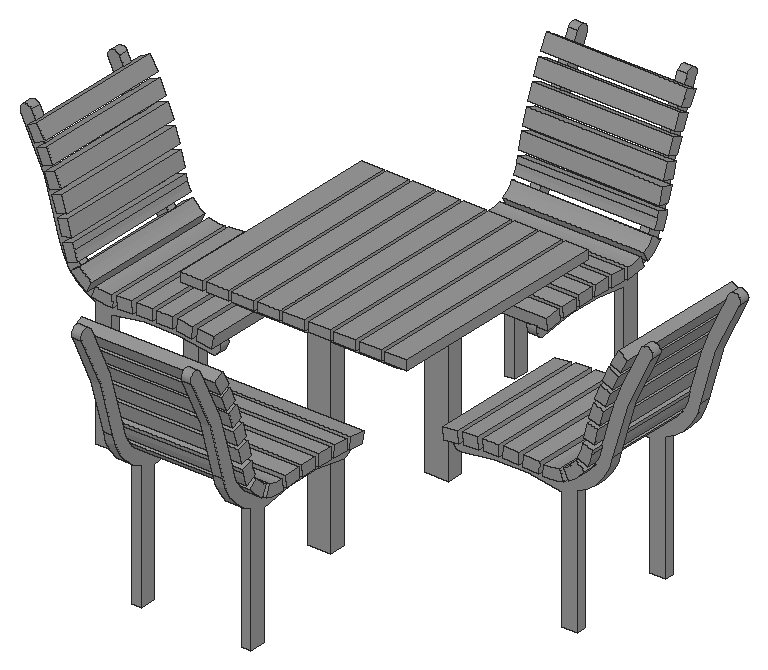
Revit family "15547 Комплект садовой мебели «Платиум» Хоббика", category Антураж, Revit 2018
Family settings
  На основе рабочей плоскости = Нет
  Всегда вертикально = Да
  При загрузке вырезать с полостями = Нет
  Источник визуального образа = Геометрия семейства
  Общий = Нет
  Точка расчета площади = Нет
Parameters (values of type "Комплект садовой мебели «Платиум»")
  Ширина = 2080 mm  # constant formula
  Цвет отделки = Дерево
  Цвет каркаса = Сталь
  Описание = "Комплект садовой мебели «Платиум»"  # constant formula
  Материал изделия = "Сталь, Дерево"  # constant formula
  Изображение типоразмера = Комплект садовой мебели «Платиум» Арт 15547.jpg
  Изготовитель = "ООО «Хоббика»"  # constant formula
  Длина = 2080 mm  # constant formula
  Группа модели = "Комплекты садовой мебели"  # constant formula
  Высота = 920 mm  # constant formula
  Артикул товара = "Арт. 15547"  # constant formula
  URL = "https://hobbyka.ru/product/komplekt_sadovoy_mebeli_platium"
Reference planes
  plane 1 "По центру (Вперед/Назад)": y = 0
  plane 2: z = 0
  plane 3 "По центру (Влево/Вправо)": x = 0
  plane 4: y = 2080
  plane 5: x = 2080
  plane 6: z = 920
Forms (mm)
  Extrusion 1, solid, material "Дерево" <- "Цвет отделки"
    sketch origin (0, 0, 0) x (1, 0, 0) y (0, 1, 0)
      loop
        line (680, 1400) -> (680, 680) -> (750, 680) -> (750, 1400) -> (680, 1400)
    from 680 to 710
  Extrusion 2, solid, material "Дерево" <- "Цвет отделки"
    sketch origin (650, 0, 0) x (1, 0, 0) y (0, 1, 0)
      loop
        line (680, 1400) -> (680, 680) -> (750, 680) -> (750, 1400) -> (680, 1400)
    from 680 to 710
  Extrusion 3, solid, material "Дерево" <- "Цвет отделки"
    sketch origin (81.25, 0, 0) x (1, 0, 0) y (0, 1, 0)
      loop
        line (680, 1400) -> (680, 680) -> (750, 680) -> (750, 1400) -> (680, 1400)
    from 680 to 710
  Extrusion 4, solid, material "Дерево" <- "Цвет отделки"
    sketch origin (162.5, 0, 0) x (1, 0, 0) y (0, 1, 0)
      loop
        line (680, 1400) -> (680, 680) -> (750, 680) -> (750, 1400) -> (680, 1400)
    from 680 to 710
  Extrusion 5, solid, material "Дерево" <- "Цвет отделки"
    sketch origin (243.75, 0, 0) x (1, 0, 0) y (0, 1, 0)
      loop
        line (680, 1400) -> (680, 680) -> (750, 680) -> (750, 1400) -> (680, 1400)
    from 680 to 710
  Extrusion 6, solid, material "Дерево" <- "Цвет отделки"
    sketch origin (325, 0, 0) x (1, 0, 0) y (0, 1, 0)
      loop
        line (680, 1400) -> (680, 680) -> (750, 680) -> (750, 1400) -> (680, 1400)
    from 680 to 710
  Extrusion 7, solid, material "Дерево" <- "Цвет отделки"
    sketch origin (406.25, 0, 0) x (1, 0, 0) y (0, 1, 0)
      loop
        line (680, 1400) -> (680, 680) -> (750, 680) -> (750, 1400) -> (680, 1400)
    from 680 to 710
  Extrusion 8, solid, material "Дерево" <- "Цвет отделки"
    sketch origin (487.5, 0, 0) x (1, 0, 0) y (0, 1, 0)
      loop
        line (680, 1400) -> (680, 680) -> (750, 680) -> (750, 1400) -> (680, 1400)
    from 680 to 710
  Extrusion 9, solid, material "Дерево" <- "Цвет отделки"
    sketch origin (568.75, 0, 0) x (1, 0, 0) y (0, 1, 0)
      loop
        line (680, 1400) -> (680, 680) -> (750, 680) -> (750, 1400) -> (680, 1400)
    from 680 to 710
  Extrusion 10, solid, material "Сталь" <- "Цвет каркаса"
    sketch origin (0, 0, 0) x (1, 0, 0) y (0, 0, 1)
      loop
        line (1361.623, 680) -> (718.377, 680)
        arc (718.377, 680) -> (740.344, 626.967) -> (793.377, 605) r 75
        line (793.377, 605) -> (1002.5, 605) -> (1002.5, 0) -> (1077.5, 0) -> (1077.5, 605) -> (1286.623, 605)
        arc (1286.623, 605) -> (1339.656, 626.967) -> (1361.623, 680) r 75
    from -830 to -780
  Extrusion 11, solid, material "Сталь" <- "Цвет каркаса"
    sketch origin (0, 0, 0) x (1, 0, 0) y (0, 0, 1)
      loop
        line (1361.623, 680) -> (718.377, 680)
        arc (718.377, 680) -> (740.344, 626.967) -> (793.377, 605) r 75
        line (793.377, 605) -> (1002.5, 605) -> (1002.5, 0) -> (1077.5, 0) -> (1077.5, 605) -> (1286.623, 605)
        arc (1286.623, 605) -> (1339.656, 626.967) -> (1361.623, 680) r 75
    from -1300 to -1250
  Extrusion 12, solid, material "Сталь" <- "Цвет каркаса"
    sketch origin (0, 0, 0) x (1, 0, 0) y (0, 0, 1)
      loop
        arc (2012.205, 885.041) -> (1933.87, 722.306) -> (1883.193, 548.952) r 1101.009
        arc (1883.193, 548.952) -> (1827.176, 461.371) -> (1726.932, 433.811) r 144.971
        arc (1726.932, 433.811) -> (1568.416, 440.004) -> (1410.283, 427.374) r 1336.624
        arc (1410.283, 427.374) -> (1414.713, 399.957) -> (1438.961, 386.416) r 31.882
        arc (1438.961, 386.416) -> (1598.961, 404.284) -> (1758.961, 386.416) r 725.33
        line (1758.961, 386.416) -> (1758.961, 0) -> (1808.961, 0) -> (1808.961, 405.976)
        arc (1808.961, 405.976) -> (1882.777, 459.067) -> (1922.377, 540.916) r 184.971
        arc (1922.377, 540.916) -> (1971.213, 707.971) -> (2046.703, 864.794) r 1061.009
        arc (2046.703, 864.794) -> (2039.577, 892.167) -> (2012.205, 885.041) r 20
      loop
        arc (67.795, 885.041) -> (40.423, 892.167) -> (33.297, 864.794) r 20
        arc (33.297, 864.794) -> (108.787, 707.971) -> (157.623, 540.916) r 1061.009
        arc (157.623, 540.916) -> (197.223, 459.067) -> (271.039, 405.976) r 184.971
        line (271.039, 405.976) -> (271.039, 0) -> (321.039, 0) -> (321.039, 386.416)
        arc (321.039, 386.416) -> (481.039, 404.284) -> (641.039, 386.416) r 725.33
        arc (641.039, 386.416) -> (665.287, 399.957) -> (669.717, 427.374) r 31.882
        arc (669.717, 427.374) -> (511.584, 440.004) -> (353.068, 433.811) r 1336.624
        arc (353.068, 433.811) -> (252.824, 461.371) -> (196.807, 548.952) r 144.971
        arc (196.807, 548.952) -> (146.13, 722.306) -> (67.795, 885.041) r 1101.009
    from -880 to -850
  Extrusion 13, solid, material "Сталь" <- "Цвет каркаса"
    sketch origin (0, 0, 0) x (1, 0, 0) y (0, 0, 1)
      loop
        arc (2012.205, 885.041) -> (1933.87, 722.306) -> (1883.193, 548.952) r 1101.009
        arc (1883.193, 548.952) -> (1827.176, 461.371) -> (1726.932, 433.811) r 144.971
        arc (1726.932, 433.811) -> (1568.416, 440.004) -> (1410.283, 427.374) r 1336.624
        arc (1410.283, 427.374) -> (1414.713, 399.957) -> (1438.961, 386.416) r 31.882
        arc (1438.961, 386.416) -> (1598.961, 404.284) -> (1758.961, 386.416) r 725.33
        line (1758.961, 386.416) -> (1758.961, 0) -> (1808.961, 0) -> (1808.961, 405.976)
        arc (1808.961, 405.976) -> (1882.777, 459.067) -> (1922.377, 540.916) r 184.971
        arc (1922.377, 540.916) -> (1971.213, 707.971) -> (2046.703, 864.794) r 1061.009
        arc (2046.703, 864.794) -> (2039.577, 892.167) -> (2012.205, 885.041) r 20
      loop
        arc (67.795, 885.041) -> (40.423, 892.167) -> (33.297, 864.794) r 20
        arc (33.297, 864.794) -> (108.787, 707.971) -> (157.623, 540.916) r 1061.009
        arc (157.623, 540.916) -> (197.223, 459.067) -> (271.039, 405.976) r 184.971
        line (271.039, 405.976) -> (271.039, 0) -> (321.039, 0) -> (321.039, 386.416)
        arc (321.039, 386.416) -> (481.039, 404.284) -> (641.039, 386.416) r 725.33
        arc (641.039, 386.416) -> (665.287, 399.957) -> (669.717, 427.374) r 31.882
        arc (669.717, 427.374) -> (511.584, 440.004) -> (353.068, 433.811) r 1336.624
        arc (353.068, 433.811) -> (252.824, 461.371) -> (196.807, 548.952) r 144.971
        arc (196.807, 548.952) -> (146.13, 722.306) -> (67.795, 885.041) r 1101.009
    from -1230 to -1200
  Extrusion 14, solid, material "Сталь" <- "Цвет каркаса"
    sketch origin (2080, 0, 0) x (0, 1, 0) y (0, 0, 1)
      loop
        arc (2012.205, 885.041) -> (1933.87, 722.306) -> (1883.193, 548.952) r 1101.009
        arc (1883.193, 548.952) -> (1827.176, 461.371) -> (1726.932, 433.811) r 144.971
        arc (1726.932, 433.811) -> (1568.416, 440.004) -> (1410.283, 427.374) r 1336.624
        arc (1410.283, 427.374) -> (1414.713, 399.957) -> (1438.961, 386.416) r 31.882
        arc (1438.961, 386.416) -> (1598.961, 404.284) -> (1758.961, 386.416) r 725.33
        line (1758.961, 386.416) -> (1758.961, 0) -> (1808.961, 0) -> (1808.961, 405.976)
        arc (1808.961, 405.976) -> (1882.777, 459.067) -> (1922.377, 540.916) r 184.971
        arc (1922.377, 540.916) -> (1971.213, 707.971) -> (2046.703, 864.794) r 1061.009
        arc (2046.703, 864.794) -> (2039.577, 892.167) -> (2012.205, 885.041) r 20
      loop
        arc (67.795, 885.041) -> (40.423, 892.167) -> (33.297, 864.794) r 20
        arc (33.297, 864.794) -> (108.787, 707.971) -> (157.623, 540.916) r 1061.009
        arc (157.623, 540.916) -> (197.223, 459.067) -> (271.039, 405.976) r 184.971
        line (271.039, 405.976) -> (271.039, 0) -> (321.039, 0) -> (321.039, 386.416)
        arc (321.039, 386.416) -> (481.039, 404.284) -> (641.039, 386.416) r 725.33
        arc (641.039, 386.416) -> (665.287, 399.957) -> (669.717, 427.374) r 31.882
        arc (669.717, 427.374) -> (511.584, 440.004) -> (353.068, 433.811) r 1336.624
        arc (353.068, 433.811) -> (252.824, 461.371) -> (196.807, 548.952) r 144.971
        arc (196.807, 548.952) -> (146.13, 722.306) -> (67.795, 885.041) r 1101.009
    from -880 to -850
  Extrusion 15, solid, material "Сталь" <- "Цвет каркаса"
    sketch origin (2080, 0, 0) x (0, 1, 0) y (0, 0, 1)
      loop
        arc (2012.205, 885.041) -> (1933.87, 722.306) -> (1883.193, 548.952) r 1101.009
        arc (1883.193, 548.952) -> (1827.176, 461.371) -> (1726.932, 433.811) r 144.971
        arc (1726.932, 433.811) -> (1568.416, 440.004) -> (1410.283, 427.374) r 1336.624
        arc (1410.283, 427.374) -> (1414.713, 399.957) -> (1438.961, 386.416) r 31.882
        arc (1438.961, 386.416) -> (1598.961, 404.284) -> (1758.961, 386.416) r 725.33
        line (1758.961, 386.416) -> (1758.961, 0) -> (1808.961, 0) -> (1808.961, 405.976)
        arc (1808.961, 405.976) -> (1882.777, 459.067) -> (1922.377, 540.916) r 184.971
        arc (1922.377, 540.916) -> (1971.213, 707.971) -> (2046.703, 864.794) r 1061.009
        arc (2046.703, 864.794) -> (2039.577, 892.167) -> (2012.205, 885.041) r 20
      loop
        arc (67.795, 885.041) -> (40.423, 892.167) -> (33.297, 864.794) r 20
        arc (33.297, 864.794) -> (108.787, 707.971) -> (157.623, 540.916) r 1061.009
        arc (157.623, 540.916) -> (197.223, 459.067) -> (271.039, 405.976) r 184.971
        line (271.039, 405.976) -> (271.039, 0) -> (321.039, 0) -> (321.039, 386.416)
        arc (321.039, 386.416) -> (481.039, 404.284) -> (641.039, 386.416) r 725.33
        arc (641.039, 386.416) -> (665.287, 399.957) -> (669.717, 427.374) r 31.882
        arc (669.717, 427.374) -> (511.584, 440.004) -> (353.068, 433.811) r 1336.624
        arc (353.068, 433.811) -> (252.824, 461.371) -> (196.807, 548.952) r 144.971
        arc (196.807, 548.952) -> (146.13, 722.306) -> (67.795, 885.041) r 1101.009
    from -1230 to -1200
  Extrusion 16, solid, material "Дерево" <- "Цвет отделки"
    sketch origin (0, 0, 0) x (1, 0, 0) y (0, 0, 1)
      loop
        arc (1883.193, 548.952) -> (1884.628, 555.837) -> (1886.107, 562.712) r 1101.009
        line (1886.107, 562.712) -> (1852.808, 574.243)
        arc (1852.808, 574.243) -> (1850.82, 565.122) -> (1848.907, 555.985) r 1136.009
        arc (1848.907, 555.985) -> (1844.681, 540.92) -> (1838.359, 526.607) r 109.971
        line (1838.359, 526.607) -> (1869.289, 510.225)
        arc (1869.289, 510.225) -> (1877.622, 529.093) -> (1883.193, 548.952) r 144.971
      loop
        line (1998.079, 860.242) -> (1967.445, 877.17)
        arc (1967.445, 877.17) -> (1955.596, 855.157) -> (1944.233, 832.889) r 1136.009
        line (1944.233, 832.889) -> (1975.583, 817.325)
        arc (1975.583, 817.325) -> (1986.595, 838.907) -> (1998.079, 860.242) r 1101.009
      loop
        arc (1714.666, 470.101) -> (1689.742, 472.045) -> (1664.787, 473.533) r 1371.624
        line (1664.787, 473.533) -> (1663.021, 438.578)
        arc (1663.021, 438.578) -> (1687.339, 437.127) -> (1711.627, 435.233) r 1336.624
        line (1711.627, 435.233) -> (1714.666, 470.101)
      loop
        line (1405.43, 462.036) -> (1410.283, 427.374)
        arc (1410.283, 427.374) -> (1434.439, 430.531) -> (1458.649, 433.248) r 1336.624
        line (1458.649, 433.248) -> (1455.063, 468.064)
        arc (1455.063, 468.064) -> (1430.219, 465.276) -> (1405.43, 462.036) r 1371.624
      loop
        arc (1779.531, 475.013) -> (1755.315, 469.021) -> (1730.371, 468.641) r 109.971
        line (1730.371, 468.641) -> (1726.932, 433.811)
        arc (1726.932, 433.811) -> (1759.814, 434.312) -> (1791.737, 442.211) r 144.971
        line (1791.737, 442.211) -> (1779.531, 475.013)
      loop
        arc (1473.197, 434.666) -> (1497.476, 436.675) -> (1521.787, 438.242) r 1336.624
        line (1521.787, 438.242) -> (1519.855, 473.188)
        arc (1519.855, 473.188) -> (1494.907, 471.581) -> (1469.992, 469.519) r 1371.624
        line (1469.992, 469.519) -> (1473.197, 434.666)
      loop
        arc (1536.386, 438.969) -> (1560.733, 439.826) -> (1585.091, 440.239) r 1336.624
        line (1585.091, 440.239) -> (1584.816, 475.238)
        arc (1584.816, 475.238) -> (1559.82, 474.814) -> (1534.836, 473.935) r 1371.624
        line (1534.836, 473.935) -> (1536.386, 438.969)
      loop
        arc (1649.802, 474.208) -> (1624.814, 474.969) -> (1599.816, 475.274) r 1371.624
        line (1599.816, 475.274) -> (1598.461, 440.277)
        arc (1598.461, 440.277) -> (1623.445, 439.99) -> (1648.418, 439.236) r 1336.624
        line (1648.418, 439.236) -> (1649.802, 474.208)
      loop
        line (1793.189, 481.186) -> (1809.742, 450.348)
        arc (1809.742, 450.348) -> (1836.767, 469.087) -> (1858.872, 493.435) r 144.971
        line (1858.872, 493.435) -> (1830.457, 513.871)
        arc (1830.457, 513.871) -> (1813.689, 495.401) -> (1793.189, 481.186) r 109.971
      loop
        line (1856.159, 588.863) -> (1890.222, 580.818)
        arc (1890.222, 580.818) -> (1896.051, 604.336) -> (1902.395, 627.72) r 1101.009
        line (1902.395, 627.72) -> (1868.719, 637.256)
        arc (1868.719, 637.256) -> (1862.173, 613.129) -> (1856.159, 588.863) r 1136.009
      loop
        line (1872.902, 651.661) -> (1906.449, 641.681)
        arc (1906.449, 641.681) -> (1913.612, 664.827) -> (1921.284, 687.81) r 1101.009
        line (1921.284, 687.81) -> (1888.208, 699.256)
        arc (1888.208, 699.256) -> (1880.293, 675.543) -> (1872.902, 651.661) r 1136.009
      loop
        line (1893.207, 713.399) -> (1926.129, 701.516)
        arc (1926.129, 701.516) -> (1934.605, 724.215) -> (1943.578, 746.721) r 1101.009
        line (1943.578, 746.721) -> (1911.211, 760.04)
        arc (1911.211, 760.04) -> (1901.953, 736.819) -> (1893.207, 713.399) r 1136.009
      loop
        line (1917.011, 773.874) -> (1949.199, 760.129)
        arc (1949.199, 760.129) -> (1958.959, 782.305) -> (1969.204, 804.262) r 1101.009
        line (1969.204, 804.262) -> (1937.652, 819.41)
        arc (1937.652, 819.41) -> (1927.081, 796.755) -> (1917.011, 773.874) r 1136.009
      loop
        arc (196.807, 548.952) -> (202.378, 529.093) -> (210.711, 510.225) r 144.971
        line (210.711, 510.225) -> (241.641, 526.607)
        arc (241.641, 526.607) -> (235.319, 540.92) -> (231.093, 555.985) r 109.971
        arc (231.093, 555.985) -> (229.18, 565.122) -> (227.192, 574.243) r 1136.009
        line (227.192, 574.243) -> (193.893, 562.712)
        arc (193.893, 562.712) -> (195.372, 555.837) -> (196.807, 548.952) r 1101.009
      loop
        arc (81.921, 860.242) -> (93.405, 838.907) -> (104.417, 817.325) r 1101.009
        line (104.417, 817.325) -> (135.767, 832.889)
        arc (135.767, 832.889) -> (124.404, 855.157) -> (112.555, 877.17) r 1136.009
        line (112.555, 877.17) -> (81.921, 860.242)
      loop
        line (365.334, 470.101) -> (368.373, 435.233)
        arc (368.373, 435.233) -> (392.661, 437.127) -> (416.979, 438.578) r 1336.624
        line (416.979, 438.578) -> (415.213, 473.533)
        arc (415.213, 473.533) -> (390.258, 472.045) -> (365.334, 470.101) r 1371.624
      loop
        arc (674.57, 462.036) -> (649.781, 465.276) -> (624.937, 468.064) r 1371.624
        line (624.937, 468.064) -> (621.351, 433.248)
        arc (621.351, 433.248) -> (645.561, 430.531) -> (669.717, 427.374) r 1336.624
        line (669.717, 427.374) -> (674.57, 462.036)
      loop
        line (300.469, 475.013) -> (288.263, 442.211)
        arc (288.263, 442.211) -> (320.186, 434.312) -> (353.068, 433.811) r 144.971
        line (353.068, 433.811) -> (349.629, 468.641)
        arc (349.629, 468.641) -> (324.685, 469.021) -> (300.469, 475.013) r 109.971
      loop
        line (606.803, 434.666) -> (610.008, 469.519)
        arc (610.008, 469.519) -> (585.093, 471.581) -> (560.145, 473.188) r 1371.624
        line (560.145, 473.188) -> (558.213, 438.242)
        arc (558.213, 438.242) -> (582.524, 436.675) -> (606.803, 434.666) r 1336.624
      loop
        line (543.614, 438.969) -> (545.164, 473.935)
        arc (545.164, 473.935) -> (520.18, 474.814) -> (495.184, 475.238) r 1371.624
        line (495.184, 475.238) -> (494.909, 440.239)
        arc (494.909, 440.239) -> (519.267, 439.826) -> (543.614, 438.969) r 1336.624
      loop
        line (430.198, 474.208) -> (431.582, 439.236)
        arc (431.582, 439.236) -> (456.555, 439.99) -> (481.539, 440.277) r 1336.624
        line (481.539, 440.277) -> (480.184, 475.274)
        arc (480.184, 475.274) -> (455.186, 474.969) -> (430.198, 474.208) r 1371.624
      loop
        arc (286.811, 481.186) -> (266.311, 495.401) -> (249.543, 513.871) r 109.971
        line (249.543, 513.871) -> (221.128, 493.435)
        arc (221.128, 493.435) -> (243.233, 469.087) -> (270.258, 450.348) r 144.971
        line (270.258, 450.348) -> (286.811, 481.186)
      loop
        arc (223.841, 588.863) -> (217.827, 613.129) -> (211.281, 637.256) r 1136.009
        line (211.281, 637.256) -> (177.605, 627.72)
        arc (177.605, 627.72) -> (183.949, 604.336) -> (189.778, 580.818) r 1101.009
        line (189.778, 580.818) -> (223.841, 588.863)
      loop
        arc (207.098, 651.661) -> (199.707, 675.543) -> (191.792, 699.256) r 1136.009
        line (191.792, 699.256) -> (158.716, 687.81)
        arc (158.716, 687.81) -> (166.388, 664.827) -> (173.551, 641.681) r 1101.009
        line (173.551, 641.681) -> (207.098, 651.661)
      loop
        arc (186.793, 713.399) -> (178.047, 736.819) -> (168.789, 760.04) r 1136.009
        line (168.789, 760.04) -> (136.422, 746.721)
        arc (136.422, 746.721) -> (145.395, 724.215) -> (153.871, 701.516) r 1101.009
        line (153.871, 701.516) -> (186.793, 713.399)
      loop
        arc (162.989, 773.874) -> (152.919, 796.755) -> (142.348, 819.41) r 1136.009
        line (142.348, 819.41) -> (110.796, 804.262)
        arc (110.796, 804.262) -> (121.041, 782.305) -> (130.801, 760.129) r 1101.009
        line (130.801, 760.129) -> (162.989, 773.874)
    from -1265 to -815
  Extrusion 17, solid, material "Дерево" <- "Цвет отделки"
    sketch origin (2080.492, 0.492, 0) x (0, 1, 0) y (0, 0, 1)
      loop
        arc (1883.193, 548.952) -> (1884.628, 555.837) -> (1886.107, 562.712) r 1101.009
        line (1886.107, 562.712) -> (1852.808, 574.243)
        arc (1852.808, 574.243) -> (1850.82, 565.122) -> (1848.907, 555.985) r 1136.009
        arc (1848.907, 555.985) -> (1844.681, 540.92) -> (1838.359, 526.607) r 109.971
        line (1838.359, 526.607) -> (1869.289, 510.225)
        arc (1869.289, 510.225) -> (1877.622, 529.093) -> (1883.193, 548.952) r 144.971
      loop
        line (1998.079, 860.242) -> (1967.445, 877.17)
        arc (1967.445, 877.17) -> (1955.596, 855.157) -> (1944.233, 832.889) r 1136.009
        line (1944.233, 832.889) -> (1975.583, 817.325)
        arc (1975.583, 817.325) -> (1986.595, 838.907) -> (1998.079, 860.242) r 1101.009
      loop
        arc (1714.666, 470.101) -> (1689.742, 472.045) -> (1664.787, 473.533) r 1371.624
        line (1664.787, 473.533) -> (1663.021, 438.578)
        arc (1663.021, 438.578) -> (1687.339, 437.127) -> (1711.627, 435.233) r 1336.624
        line (1711.627, 435.233) -> (1714.666, 470.101)
      loop
        line (1405.43, 462.036) -> (1410.283, 427.374)
        arc (1410.283, 427.374) -> (1434.439, 430.531) -> (1458.649, 433.248) r 1336.624
        line (1458.649, 433.248) -> (1455.063, 468.064)
        arc (1455.063, 468.064) -> (1430.219, 465.276) -> (1405.43, 462.036) r 1371.624
      loop
        arc (1779.531, 475.013) -> (1755.315, 469.021) -> (1730.371, 468.641) r 109.971
        line (1730.371, 468.641) -> (1726.932, 433.811)
        arc (1726.932, 433.811) -> (1759.814, 434.312) -> (1791.737, 442.211) r 144.971
        line (1791.737, 442.211) -> (1779.531, 475.013)
      loop
        arc (1473.197, 434.666) -> (1497.476, 436.675) -> (1521.787, 438.242) r 1336.624
        line (1521.787, 438.242) -> (1519.855, 473.188)
        arc (1519.855, 473.188) -> (1494.907, 471.581) -> (1469.992, 469.519) r 1371.624
        line (1469.992, 469.519) -> (1473.197, 434.666)
      loop
        arc (1536.386, 438.969) -> (1560.733, 439.826) -> (1585.091, 440.239) r 1336.624
        line (1585.091, 440.239) -> (1584.816, 475.238)
        arc (1584.816, 475.238) -> (1559.82, 474.814) -> (1534.836, 473.935) r 1371.624
        line (1534.836, 473.935) -> (1536.386, 438.969)
      loop
        arc (1649.802, 474.208) -> (1624.814, 474.969) -> (1599.816, 475.274) r 1371.624
        line (1599.816, 475.274) -> (1598.461, 440.277)
        arc (1598.461, 440.277) -> (1623.445, 439.99) -> (1648.418, 439.236) r 1336.624
        line (1648.418, 439.236) -> (1649.802, 474.208)
      loop
        line (1793.189, 481.186) -> (1809.742, 450.348)
        arc (1809.742, 450.348) -> (1836.767, 469.087) -> (1858.872, 493.435) r 144.971
        line (1858.872, 493.435) -> (1830.457, 513.871)
        arc (1830.457, 513.871) -> (1813.689, 495.401) -> (1793.189, 481.186) r 109.971
      loop
        line (1856.159, 588.863) -> (1890.222, 580.818)
        arc (1890.222, 580.818) -> (1896.051, 604.336) -> (1902.395, 627.72) r 1101.009
        line (1902.395, 627.72) -> (1868.719, 637.256)
        arc (1868.719, 637.256) -> (1862.173, 613.129) -> (1856.159, 588.863) r 1136.009
      loop
        line (1872.902, 651.661) -> (1906.449, 641.681)
        arc (1906.449, 641.681) -> (1913.612, 664.827) -> (1921.284, 687.81) r 1101.009
        line (1921.284, 687.81) -> (1888.208, 699.256)
        arc (1888.208, 699.256) -> (1880.293, 675.543) -> (1872.902, 651.661) r 1136.009
      loop
        line (1893.207, 713.399) -> (1926.129, 701.516)
        arc (1926.129, 701.516) -> (1934.605, 724.215) -> (1943.578, 746.721) r 1101.009
        line (1943.578, 746.721) -> (1911.211, 760.04)
        arc (1911.211, 760.04) -> (1901.953, 736.819) -> (1893.207, 713.399) r 1136.009
      loop
        line (1917.011, 773.874) -> (1949.199, 760.129)
        arc (1949.199, 760.129) -> (1958.959, 782.305) -> (1969.204, 804.262) r 1101.009
        line (1969.204, 804.262) -> (1937.652, 819.41)
        arc (1937.652, 819.41) -> (1927.081, 796.755) -> (1917.011, 773.874) r 1136.009
      loop
        arc (196.807, 548.952) -> (202.378, 529.093) -> (210.711, 510.225) r 144.971
        line (210.711, 510.225) -> (241.641, 526.607)
        arc (241.641, 526.607) -> (235.319, 540.92) -> (231.093, 555.985) r 109.971
        arc (231.093, 555.985) -> (229.18, 565.122) -> (227.192, 574.243) r 1136.009
        line (227.192, 574.243) -> (193.893, 562.712)
        arc (193.893, 562.712) -> (195.372, 555.837) -> (196.807, 548.952) r 1101.009
      loop
        arc (81.921, 860.242) -> (93.405, 838.907) -> (104.417, 817.325) r 1101.009
        line (104.417, 817.325) -> (135.767, 832.889)
        arc (135.767, 832.889) -> (124.404, 855.157) -> (112.555, 877.17) r 1136.009
        line (112.555, 877.17) -> (81.921, 860.242)
      loop
        line (365.334, 470.101) -> (368.373, 435.233)
        arc (368.373, 435.233) -> (392.661, 437.127) -> (416.979, 438.578) r 1336.624
        line (416.979, 438.578) -> (415.213, 473.533)
        arc (415.213, 473.533) -> (390.258, 472.045) -> (365.334, 470.101) r 1371.624
      loop
        arc (674.57, 462.036) -> (649.781, 465.276) -> (624.937, 468.064) r 1371.624
        line (624.937, 468.064) -> (621.351, 433.248)
        arc (621.351, 433.248) -> (645.561, 430.531) -> (669.717, 427.374) r 1336.624
        line (669.717, 427.374) -> (674.57, 462.036)
      loop
        line (300.469, 475.013) -> (288.263, 442.211)
        arc (288.263, 442.211) -> (320.186, 434.312) -> (353.068, 433.811) r 144.971
        line (353.068, 433.811) -> (349.629, 468.641)
        arc (349.629, 468.641) -> (324.685, 469.021) -> (300.469, 475.013) r 109.971
      loop
        line (606.803, 434.666) -> (610.008, 469.519)
        arc (610.008, 469.519) -> (585.093, 471.581) -> (560.145, 473.188) r 1371.624
        line (560.145, 473.188) -> (558.213, 438.242)
        arc (558.213, 438.242) -> (582.524, 436.675) -> (606.803, 434.666) r 1336.624
      loop
        line (543.614, 438.969) -> (545.164, 473.935)
        arc (545.164, 473.935) -> (520.18, 474.814) -> (495.184, 475.238) r 1371.624
        line (495.184, 475.238) -> (494.909, 440.239)
        arc (494.909, 440.239) -> (519.267, 439.826) -> (543.614, 438.969) r 1336.624
      loop
        line (430.198, 474.208) -> (431.582, 439.236)
        arc (431.582, 439.236) -> (456.555, 439.99) -> (481.539, 440.277) r 1336.624
        line (481.539, 440.277) -> (480.184, 475.274)
        arc (480.184, 475.274) -> (455.186, 474.969) -> (430.198, 474.208) r 1371.624
      loop
        arc (286.811, 481.186) -> (266.311, 495.401) -> (249.543, 513.871) r 109.971
        line (249.543, 513.871) -> (221.128, 493.435)
        arc (221.128, 493.435) -> (243.233, 469.087) -> (270.258, 450.348) r 144.971
        line (270.258, 450.348) -> (286.811, 481.186)
      loop
        arc (223.841, 588.863) -> (217.827, 613.129) -> (211.281, 637.256) r 1136.009
        line (211.281, 637.256) -> (177.605, 627.72)
        arc (177.605, 627.72) -> (183.949, 604.336) -> (189.778, 580.818) r 1101.009
        line (189.778, 580.818) -> (223.841, 588.863)
      loop
        arc (207.098, 651.661) -> (199.707, 675.543) -> (191.792, 699.256) r 1136.009
        line (191.792, 699.256) -> (158.716, 687.81)
        arc (158.716, 687.81) -> (166.388, 664.827) -> (173.551, 641.681) r 1101.009
        line (173.551, 641.681) -> (207.098, 651.661)
      loop
        arc (186.793, 713.399) -> (178.047, 736.819) -> (168.789, 760.04) r 1136.009
        line (168.789, 760.04) -> (136.422, 746.721)
        arc (136.422, 746.721) -> (145.395, 724.215) -> (153.871, 701.516) r 1101.009
        line (153.871, 701.516) -> (186.793, 713.399)
      loop
        arc (162.989, 773.874) -> (152.919, 796.755) -> (142.348, 819.41) r 1136.009
        line (142.348, 819.41) -> (110.796, 804.262)
        arc (110.796, 804.262) -> (121.041, 782.305) -> (130.801, 760.129) r 1101.009
        line (130.801, 760.129) -> (162.989, 773.874)
    from -1265 to -815
Dimensions and locks
  "Длина": plane 3 "По центру (Влево/Вправо)" to plane 5
  "Ширина": plane 4 to plane 1 "По центру (Вперед/Назад)"
  equal spacing: group 1, group 3, group 4, group 5, group 6, group 7, group 8, group 9, group 2  (x3)
  "Высота": plane 6 to plane 2
  aligned and locked: level to plane 2
Automatic sketch dimensions
  Extrusion 1 sketch curve to Extrusion 1 sketch curve = 70 mm
  Extrusion 1 sketch curve to Extrusion 1 sketch curve = 720 mm
  Extrusion 2 sketch curve to Extrusion 2 sketch curve = 70 mm
  Extrusion 2 sketch curve to Extrusion 2 sketch curve = 720 mm
  Extrusion 3 sketch curve to Extrusion 3 sketch curve = 70 mm
  Extrusion 3 sketch curve to Extrusion 3 sketch curve = 720 mm
  Extrusion 4 sketch curve to Extrusion 4 sketch curve = 70 mm
  Extrusion 4 sketch curve to Extrusion 4 sketch curve = 720 mm
  Extrusion 5 sketch curve to Extrusion 5 sketch curve = 70 mm
  Extrusion 5 sketch curve to Extrusion 5 sketch curve = 720 mm
  Extrusion 6 sketch curve to Extrusion 6 sketch curve = 70 mm
  Extrusion 6 sketch curve to Extrusion 6 sketch curve = 720 mm
  Extrusion 7 sketch curve to Extrusion 7 sketch curve = 70 mm
  Extrusion 7 sketch curve to Extrusion 7 sketch curve = 720 mm
  Extrusion 8 sketch curve to Extrusion 8 sketch curve = 70 mm
  Extrusion 8 sketch curve to Extrusion 8 sketch curve = 720 mm
  Extrusion 9 sketch curve to Extrusion 9 sketch curve = 70 mm
  Extrusion 9 sketch curve to Extrusion 9 sketch curve = 720 mm
  Extrusion 10 sketch curve to level = 0 mm
  plane 3 "По центру (Влево/Вправо)" to Extrusion 10 sketch curve = 718.377 mm
  Extrusion 10 sketch curve to Extrusion 10 sketch curve = 75 mm  (x3)
  Extrusion 10 sketch curve to Extrusion 10 sketch curve = 209.123 mm  (x2)
  Extrusion 10 sketch curve to plane 6 = 315 mm
  Extrusion 11 sketch curve to level = 0 mm
  plane 3 "По центру (Влево/Вправо)" to Extrusion 11 sketch curve = 718.377 mm
  Extrusion 11 sketch curve to Extrusion 11 sketch curve = 75 mm  (x3)
  Extrusion 11 sketch curve to Extrusion 11 sketch curve = 209.123 mm  (x2)
  Extrusion 11 sketch curve to plane 6 = 315 mm
  Extrusion 12 sketch curve to Extrusion 12 sketch curve = 0 mm  (x16)
  Extrusion 12 sketch curve to level = 0 mm  (x2)
  level to Extrusion 12 sketch curve = 327.739 mm  (x2)
  Extrusion 12 sketch curve to plane 3 "По центру (Влево/Вправо)" = 881.751 mm
  plane 3 "По центру (Влево/Вправо)" to Extrusion 12 sketch curve = 50.546 mm
  plane 3 "По центру (Влево/Вправо)" to Extrusion 12 sketch curve = 271.039 mm
  Extrusion 12 sketch curve to Extrusion 12 sketch curve = 50 mm  (x2)
  Extrusion 12 sketch curve to Extrusion 12 sketch curve = 67.783 mm
  Extrusion 12 sketch curve to Extrusion 12 sketch curve = 160 mm
  plane 3 "По центру (Влево/Вправо)" to Extrusion 12 sketch curve = 484.42 mm
  Extrusion 12 sketch curve to Extrusion 12 sketch curve = 318.132 mm
  Extrusion 12 sketch curve to plane 5 = 639.17 mm
  Extrusion 12 sketch curve to plane 5 = 484.42 mm
  Extrusion 12 sketch curve to plane 5 = 481.039 mm
  Extrusion 12 sketch curve to plane 5 = 338.822 mm
  Extrusion 12 sketch curve to plane 5 = 321.039 mm
  Extrusion 12 sketch curve to plane 5 = 50.546 mm
  plane 5 to Extrusion 12 sketch curve = 881.751 mm
  Extrusion 12 sketch curve to level = 321.046 mm  (x2)
  Extrusion 12 sketch curve to Extrusion 12 sketch curve = 575.297 mm  (x2)
  level to Extrusion 12 sketch curve = 386.416 mm  (x2)
  Extrusion 12 sketch curve to Extrusion 12 sketch curve = 19.56 mm  (x2)
  Extrusion 12 sketch curve to Extrusion 12 sketch curve = 31.828 mm  (x2)
  Extrusion 12 sketch curve to Extrusion 12 sketch curve = 172.104 mm  (x2)
  Extrusion 12 sketch curve to plane 6 = 45.082 mm  (x2)
  Extrusion 12 sketch curve to Extrusion 12 sketch curve = 17.249 mm
  Extrusion 12 sketch curve to Extrusion 12 sketch curve = 1.868 mm  (x2)
  Extrusion 12 sketch curve to Extrusion 12 sketch curve = 30.547 mm
  Extrusion 13 sketch curve to Extrusion 13 sketch curve = 0 mm  (x16)
  Extrusion 13 sketch curve to level = 0 mm  (x2)
  level to Extrusion 13 sketch curve = 327.739 mm  (x2)
  Extrusion 13 sketch curve to plane 3 "По центру (Влево/Вправо)" = 881.751 mm
  plane 3 "По центру (Влево/Вправо)" to Extrusion 13 sketch curve = 50.546 mm
  plane 3 "По центру (Влево/Вправо)" to Extrusion 13 sketch curve = 271.039 mm
  Extrusion 13 sketch curve to Extrusion 13 sketch curve = 50 mm  (x2)
  Extrusion 13 sketch curve to Extrusion 13 sketch curve = 67.783 mm
  Extrusion 13 sketch curve to Extrusion 13 sketch curve = 160 mm
  plane 3 "По центру (Влево/Вправо)" to Extrusion 13 sketch curve = 484.42 mm
  Extrusion 13 sketch curve to Extrusion 13 sketch curve = 318.132 mm
  Extrusion 13 sketch curve to plane 5 = 639.17 mm
  Extrusion 13 sketch curve to plane 5 = 484.42 mm
  Extrusion 13 sketch curve to plane 5 = 481.039 mm
  Extrusion 13 sketch curve to plane 5 = 338.822 mm
  Extrusion 13 sketch curve to plane 5 = 321.039 mm
  Extrusion 13 sketch curve to plane 5 = 50.546 mm
  plane 5 to Extrusion 13 sketch curve = 881.751 mm
  Extrusion 13 sketch curve to level = 321.046 mm  (x2)
  Extrusion 13 sketch curve to Extrusion 13 sketch curve = 575.297 mm  (x2)
  level to Extrusion 13 sketch curve = 386.416 mm  (x2)
  Extrusion 13 sketch curve to Extrusion 13 sketch curve = 19.56 mm  (x2)
  Extrusion 13 sketch curve to Extrusion 13 sketch curve = 31.828 mm  (x2)
  Extrusion 13 sketch curve to Extrusion 13 sketch curve = 172.104 mm  (x2)
  Extrusion 13 sketch curve to plane 6 = 45.082 mm  (x2)
  Extrusion 13 sketch curve to Extrusion 13 sketch curve = 17.249 mm
  Extrusion 13 sketch curve to Extrusion 13 sketch curve = 1.868 mm  (x2)
  Extrusion 13 sketch curve to Extrusion 13 sketch curve = 30.547 mm
  Extrusion 14 sketch curve to Extrusion 14 sketch curve = 0 mm  (x16)
  Extrusion 14 sketch curve to level = 0 mm
  level to Extrusion 14 sketch curve = 0 mm
  level to Extrusion 14 sketch curve = 327.739 mm  (x2)
  plane 1 "По центру (Вперед/Назад)" to Extrusion 14 sketch curve = 881.751 mm
  Extrusion 14 sketch curve to plane 1 "По центру (Вперед/Назад)" = 50.546 mm
  Extrusion 14 sketch curve to plane 1 "По центру (Вперед/Назад)" = 271.039 mm
  Extrusion 14 sketch curve to Extrusion 14 sketch curve = 50 mm  (x2)
  Extrusion 14 sketch curve to Extrusion 14 sketch curve = 67.783 mm
  Extrusion 14 sketch curve to Extrusion 14 sketch curve = 160 mm
  Extrusion 14 sketch curve to plane 1 "По центру (Вперед/Назад)" = 484.42 mm
  Extrusion 14 sketch curve to Extrusion 14 sketch curve = 318.132 mm
  Extrusion 14 sketch curve to plane 4 = 639.17 mm
  Extrusion 14 sketch curve to plane 4 = 484.42 mm
  Extrusion 14 sketch curve to plane 4 = 481.039 mm
  Extrusion 14 sketch curve to plane 4 = 338.822 mm
  Extrusion 14 sketch curve to plane 4 = 321.039 mm
  Extrusion 14 sketch curve to plane 4 = 50.546 mm
  plane 4 to Extrusion 14 sketch curve = 881.751 mm
  Extrusion 14 sketch curve to level = 321.046 mm  (x2)
  Extrusion 14 sketch curve to Extrusion 14 sketch curve = 575.297 mm  (x2)
  level to Extrusion 14 sketch curve = 386.416 mm  (x2)
  Extrusion 14 sketch curve to Extrusion 14 sketch curve = 19.56 mm  (x2)
  Extrusion 14 sketch curve to Extrusion 14 sketch curve = 31.828 mm  (x2)
  Extrusion 14 sketch curve to Extrusion 14 sketch curve = 172.104 mm  (x2)
  Extrusion 14 sketch curve to plane 6 = 45.082 mm  (x2)
  Extrusion 14 sketch curve to Extrusion 14 sketch curve = 17.249 mm
  Extrusion 14 sketch curve to Extrusion 14 sketch curve = 1.868 mm  (x2)
  Extrusion 14 sketch curve to Extrusion 14 sketch curve = 30.547 mm
  Extrusion 15 sketch curve to Extrusion 15 sketch curve = 0 mm  (x16)
  Extrusion 15 sketch curve to level = 0 mm
  level to Extrusion 15 sketch curve = 0 mm
  level to Extrusion 15 sketch curve = 327.739 mm  (x2)
  plane 1 "По центру (Вперед/Назад)" to Extrusion 15 sketch curve = 881.751 mm
  Extrusion 15 sketch curve to plane 1 "По центру (Вперед/Назад)" = 50.546 mm
  Extrusion 15 sketch curve to plane 1 "По центру (Вперед/Назад)" = 271.039 mm
  Extrusion 15 sketch curve to Extrusion 15 sketch curve = 50 mm  (x2)
  Extrusion 15 sketch curve to Extrusion 15 sketch curve = 67.783 mm
  Extrusion 15 sketch curve to Extrusion 15 sketch curve = 160 mm
  Extrusion 15 sketch curve to plane 1 "По центру (Вперед/Назад)" = 484.42 mm
  Extrusion 15 sketch curve to Extrusion 15 sketch curve = 318.132 mm
  Extrusion 15 sketch curve to plane 4 = 639.17 mm
  Extrusion 15 sketch curve to plane 4 = 484.42 mm
  Extrusion 15 sketch curve to plane 4 = 481.039 mm
  Extrusion 15 sketch curve to plane 4 = 338.822 mm
  Extrusion 15 sketch curve to plane 4 = 321.039 mm
  Extrusion 15 sketch curve to plane 4 = 50.546 mm
  plane 4 to Extrusion 15 sketch curve = 881.751 mm
  Extrusion 15 sketch curve to level = 321.046 mm  (x2)
  Extrusion 15 sketch curve to Extrusion 15 sketch curve = 575.297 mm  (x2)
  level to Extrusion 15 sketch curve = 386.416 mm  (x2)
  Extrusion 15 sketch curve to Extrusion 15 sketch curve = 19.56 mm  (x2)
  Extrusion 15 sketch curve to Extrusion 15 sketch curve = 31.828 mm  (x2)
  Extrusion 15 sketch curve to Extrusion 15 sketch curve = 172.104 mm  (x2)
  Extrusion 15 sketch curve to plane 6 = 45.082 mm  (x2)
  Extrusion 15 sketch curve to Extrusion 15 sketch curve = 17.249 mm
  Extrusion 15 sketch curve to Extrusion 15 sketch curve = 1.868 mm  (x2)
  Extrusion 15 sketch curve to Extrusion 15 sketch curve = 30.547 mm
  Extrusion 16 sketch curve to Extrusion 16 sketch curve = 0 mm  (x115)
  level to Extrusion 16 sketch curve = 327.739 mm  (x2)
  Extrusion 16 sketch curve to plane 3 "По центру (Влево/Вправо)" = 881.751 mm
  plane 3 "По центру (Влево/Вправо)" to Extrusion 16 sketch curve = 81.921 mm
  Extrusion 16 sketch curve to Extrusion 16 sketch curve = 22.497 mm
  Extrusion 16 sketch curve to Extrusion 16 sketch curve = 6.378 mm  (x2)
  Extrusion 16 sketch curve to plane 6 = 42.83 mm  (x2)
  Extrusion 16 sketch curve to Extrusion 16 sketch curve = 30.634 mm  (x2)
  Extrusion 16 sketch curve to Extrusion 16 sketch curve = 20.006 mm
  Extrusion 16 sketch curve to plane 6 = 87.111 mm
  Extrusion 16 sketch curve to Extrusion 16 sketch curve = 5.621 mm  (x2)
  Extrusion 16 sketch curve to Extrusion 16 sketch curve = 6.581 mm  (x2)
  Extrusion 16 sketch curve to Extrusion 16 sketch curve = 17.449 mm
  Extrusion 16 sketch curve to Extrusion 16 sketch curve = 4.845 mm  (x2)
  Extrusion 16 sketch curve to Extrusion 16 sketch curve = 32.188 mm
  Extrusion 16 sketch curve to Extrusion 16 sketch curve = 5.8 mm  (x2)
  Extrusion 16 sketch curve to Extrusion 16 sketch curve = 18.889 mm
  Extrusion 16 sketch curve to Extrusion 16 sketch curve = 32.921 mm
  Extrusion 16 sketch curve to Extrusion 16 sketch curve = 12.173 mm
  Extrusion 16 sketch curve to Extrusion 16 sketch curve = 4.999 mm  (x2)
  Extrusion 16 sketch curve to Extrusion 16 sketch curve = 4.115 mm  (x2)
  Extrusion 16 sketch curve to Extrusion 16 sketch curve = 29.494 mm
  Extrusion 16 sketch curve to Extrusion 16 sketch curve = 16.818 mm
  Extrusion 16 sketch curve to Extrusion 16 sketch curve = 4.182 mm  (x2)
  Extrusion 16 sketch curve to Extrusion 16 sketch curve = 10.417 mm  (x2)
  Extrusion 16 sketch curve to Extrusion 16 sketch curve = 34.063 mm
  Extrusion 16 sketch curve to Extrusion 16 sketch curve = 3.351 mm  (x2)
  Extrusion 16 sketch curve to Extrusion 16 sketch curve = 30.929 mm
  Extrusion 16 sketch curve to Extrusion 16 sketch curve = 7.902 mm  (x2)
  Extrusion 16 sketch curve to Extrusion 16 sketch curve = 49.13 mm
  Extrusion 16 sketch curve to Extrusion 16 sketch curve = 16.553 mm
  Extrusion 16 sketch curve to Extrusion 16 sketch curve = 18.006 mm  (x2)
  Extrusion 16 sketch curve to Extrusion 16 sketch curve = 13.658 mm  (x2)
  Extrusion 16 sketch curve to Extrusion 16 sketch curve = 38.352 mm
  Extrusion 16 sketch curve to Extrusion 16 sketch curve = 49.159 mm  (x2)
  Extrusion 16 sketch curve to Extrusion 16 sketch curve = 3.439 mm
  Extrusion 16 sketch curve to Extrusion 16 sketch curve = 15.706 mm  (x2)
  Extrusion 16 sketch curve to Extrusion 16 sketch curve = 15.305 mm  (x2)
  Extrusion 16 sketch curve to Extrusion 16 sketch curve = 49.879 mm
  Extrusion 16 sketch curve to Extrusion 16 sketch curve = 1.766 mm
  Extrusion 16 sketch curve to Extrusion 16 sketch curve = 14.985 mm  (x2)
  Extrusion 16 sketch curve to Extrusion 16 sketch curve = 14.602 mm  (x2)
  Extrusion 16 sketch curve to Extrusion 16 sketch curve = 49.986 mm
  Extrusion 16 sketch curve to Extrusion 16 sketch curve = 1.355 mm
  plane 3 "По центру (Влево/Вправо)" to Extrusion 16 sketch curve = 484.42 mm
  Extrusion 16 sketch curve to Extrusion 16 sketch curve = 13.37 mm  (x2)
  Extrusion 16 sketch curve to Extrusion 16 sketch curve = 15 mm  (x2)
  Extrusion 16 sketch curve to Extrusion 16 sketch curve = 48.705 mm
  Extrusion 16 sketch curve to Extrusion 16 sketch curve = 1.55 mm
  Extrusion 16 sketch curve to Extrusion 16 sketch curve = 14.599 mm  (x2)
  Extrusion 16 sketch curve to Extrusion 16 sketch curve = 14.981 mm  (x2)
  Extrusion 16 sketch curve to Extrusion 16 sketch curve = 48.59 mm
  Extrusion 16 sketch curve to Extrusion 16 sketch curve = 3.205 mm
  Extrusion 16 sketch curve to Extrusion 16 sketch curve = 14.548 mm  (x2)
  Extrusion 16 sketch curve to Extrusion 16 sketch curve = 14.929 mm  (x2)
  level to Extrusion 16 sketch curve = 427.374 mm  (x2)
  Extrusion 16 sketch curve to Extrusion 16 sketch curve = 48.366 mm
  Extrusion 16 sketch curve to Extrusion 16 sketch curve = 4.852 mm  (x2)
  Extrusion 16 sketch curve to plane 5 = 674.57 mm
  Extrusion 16 sketch curve to Extrusion 16 sketch curve = 49.633 mm
  Extrusion 16 sketch curve to Extrusion 16 sketch curve = 3.586 mm
  Extrusion 16 sketch curve to Extrusion 16 sketch curve = 49.862 mm
  Extrusion 16 sketch curve to Extrusion 16 sketch curve = 1.932 mm
  Extrusion 16 sketch curve to Extrusion 16 sketch curve = 49.98 mm
  Extrusion 16 sketch curve to Extrusion 16 sketch curve = 0.275 mm
  Extrusion 16 sketch curve to plane 5 = 484.42 mm
  Extrusion 16 sketch curve to Extrusion 16 sketch curve = 49.957 mm
  Extrusion 16 sketch curve to Extrusion 16 sketch curve = 1.384 mm
  Extrusion 16 sketch curve to Extrusion 16 sketch curve = 48.607 mm
  Extrusion 16 sketch curve to Extrusion 16 sketch curve = 3.039 mm
  Extrusion 16 sketch curve to Extrusion 16 sketch curve = 10.807 mm
  Extrusion 16 sketch curve to Extrusion 16 sketch curve = 12.206 mm
  Extrusion 16 sketch curve to Extrusion 16 sketch curve = 37.268 mm
  Extrusion 16 sketch curve to Extrusion 16 sketch curve = 14.449 mm
  Extrusion 16 sketch curve to Extrusion 16 sketch curve = 28.415 mm
  Extrusion 16 sketch curve to Extrusion 16 sketch curve = 12.56 mm
  Extrusion 16 sketch curve to Extrusion 16 sketch curve = 33.299 mm
  Extrusion 16 sketch curve to Extrusion 16 sketch curve = 15.307 mm
  Extrusion 16 sketch curve to Extrusion 16 sketch curve = 33.676 mm
  Extrusion 16 sketch curve to Extrusion 16 sketch curve = 18.004 mm
  Extrusion 16 sketch curve to Extrusion 16 sketch curve = 33.075 mm
  Extrusion 16 sketch curve to plane 6 = 100.59 mm
  Extrusion 16 sketch curve to Extrusion 16 sketch curve = 20.641 mm
  Extrusion 16 sketch curve to Extrusion 16 sketch curve = 32.367 mm
  Extrusion 16 sketch curve to Extrusion 16 sketch curve = 23.212 mm
  Extrusion 16 sketch curve to Extrusion 16 sketch curve = 31.552 mm
  Extrusion 16 sketch curve to plane 6 = 59.758 mm
  plane 5 to Extrusion 16 sketch curve = 881.751 mm
  Extrusion 16 sketch curve to level = 896.343 mm  (x2)
  Extrusion 16 sketch curve to Extrusion 16 sketch curve = 0.563 mm  (x2)
  Extrusion 16 sketch curve to Extrusion 16 sketch curve = 1.418 mm  (x2)
  Extrusion 16 sketch curve to Extrusion 16 sketch curve = 1.423 mm  (x2)
  Extrusion 16 sketch curve to Extrusion 16 sketch curve = 0.727 mm  (x2)
  Extrusion 16 sketch curve to Extrusion 16 sketch curve = 0.658 mm  (x2)
  Extrusion 16 sketch curve to Extrusion 16 sketch curve = 8.137 mm  (x2)
  Extrusion 16 sketch curve to Extrusion 16 sketch curve = 34.662 mm  (x2)
  Extrusion 16 sketch curve to Extrusion 16 sketch curve = 1.455 mm  (x2)
  Extrusion 16 sketch curve to Extrusion 16 sketch curve = 1.46 mm  (x2)
  Extrusion 16 sketch curve to Extrusion 16 sketch curve = 0.746 mm  (x2)
  Extrusion 16 sketch curve to Extrusion 16 sketch curve = 0.675 mm  (x2)
  Extrusion 16 sketch curve to Extrusion 16 sketch curve = 6.172 mm  (x2)
  Extrusion 16 sketch curve to Extrusion 16 sketch curve = 16.79 mm  (x2)
  Extrusion 16 sketch curve to Extrusion 16 sketch curve = 12.736 mm  (x2)
  Extrusion 16 sketch curve to Extrusion 16 sketch curve = 13.76 mm  (x2)
  Extrusion 16 sketch curve to Extrusion 16 sketch curve = 18.258 mm  (x2)
  Extrusion 16 sketch curve to Extrusion 16 sketch curve = 18.106 mm  (x2)
  Extrusion 16 sketch curve to Extrusion 16 sketch curve = 14.621 mm  (x2)
  Extrusion 16 sketch curve to Extrusion 16 sketch curve = 14.405 mm  (x2)
  Extrusion 16 sketch curve to Extrusion 16 sketch curve = 11.446 mm  (x2)
  Extrusion 16 sketch curve to Extrusion 16 sketch curve = 13.707 mm  (x2)
  Extrusion 16 sketch curve to Extrusion 16 sketch curve = 14.142 mm  (x2)
  Extrusion 16 sketch curve to Extrusion 16 sketch curve = 13.407 mm  (x2)
  Extrusion 16 sketch curve to Extrusion 16 sketch curve = 13.833 mm
  Extrusion 16 sketch curve to Extrusion 16 sketch curve = 13.064 mm
  Extrusion 16 sketch curve to Extrusion 16 sketch curve = 4.053 mm  (x2)
  Extrusion 16 sketch curve to Extrusion 16 sketch curve = 8.4 mm  (x2)
  Extrusion 16 sketch curve to Extrusion 16 sketch curve = 34.831 mm  (x2)
  Extrusion 17 sketch curve to Extrusion 17 sketch curve = 0 mm  (x504)
  level to Extrusion 17 sketch curve = 327.739 mm  (x2)
  plane 1 "По центру (Вперед/Назад)" to Extrusion 17 sketch curve = 881.258 mm
  Extrusion 17 sketch curve to plane 1 "По центру (Вперед/Назад)" = 82.413 mm
  Extrusion 17 sketch curve to Extrusion 17 sketch curve = 22.497 mm
  Extrusion 17 sketch curve to Extrusion 17 sketch curve = 6.378 mm  (x2)
  Extrusion 17 sketch curve to plane 6 = 42.83 mm  (x2)
  Extrusion 17 sketch curve to Extrusion 17 sketch curve = 30.634 mm  (x2)
  Extrusion 17 sketch curve to Extrusion 17 sketch curve = 20.006 mm
  Extrusion 17 sketch curve to plane 6 = 87.111 mm
  Extrusion 17 sketch curve to Extrusion 17 sketch curve = 5.621 mm  (x2)
  Extrusion 17 sketch curve to Extrusion 17 sketch curve = 6.581 mm  (x2)
  Extrusion 17 sketch curve to Extrusion 17 sketch curve = 17.449 mm
  Extrusion 17 sketch curve to Extrusion 17 sketch curve = 4.845 mm  (x2)
  Extrusion 17 sketch curve to Extrusion 17 sketch curve = 32.188 mm
  Extrusion 17 sketch curve to Extrusion 17 sketch curve = 5.8 mm  (x2)
  Extrusion 17 sketch curve to Extrusion 17 sketch curve = 14.835 mm
  Extrusion 17 sketch curve to Extrusion 17 sketch curve = 4.053 mm  (x2)
  Extrusion 17 sketch curve to Extrusion 17 sketch curve = 32.921 mm
  Extrusion 17 sketch curve to Extrusion 17 sketch curve = 12.173 mm
  Extrusion 17 sketch curve to Extrusion 17 sketch curve = 4.999 mm  (x2)
  Extrusion 17 sketch curve to Extrusion 17 sketch curve = 4.115 mm  (x2)
  Extrusion 17 sketch curve to Extrusion 17 sketch curve = 33.547 mm
  Extrusion 17 sketch curve to Extrusion 17 sketch curve = 16.818 mm
  Extrusion 17 sketch curve to Extrusion 17 sketch curve = 4.182 mm  (x2)
  Extrusion 17 sketch curve to Extrusion 17 sketch curve = 10.417 mm  (x2)
  Extrusion 17 sketch curve to Extrusion 17 sketch curve = 34.063 mm
  Extrusion 17 sketch curve to Extrusion 17 sketch curve = 3.351 mm  (x2)
  Extrusion 17 sketch curve to Extrusion 17 sketch curve = 30.929 mm
  Extrusion 17 sketch curve to Extrusion 17 sketch curve = 7.902 mm  (x2)
  Extrusion 17 sketch curve to Extrusion 17 sketch curve = 49.13 mm
  Extrusion 17 sketch curve to Extrusion 17 sketch curve = 16.553 mm
  Extrusion 17 sketch curve to Extrusion 17 sketch curve = 18.006 mm  (x2)
  Extrusion 17 sketch curve to Extrusion 17 sketch curve = 13.658 mm  (x2)
  Extrusion 17 sketch curve to Extrusion 17 sketch curve = 97.181 mm
  Extrusion 17 sketch curve to Extrusion 17 sketch curve = 49.159 mm  (x2)
  Extrusion 17 sketch curve to Extrusion 17 sketch curve = 3.439 mm
  Extrusion 17 sketch curve to Extrusion 17 sketch curve = 15.706 mm  (x2)
  Extrusion 17 sketch curve to Extrusion 17 sketch curve = 15.305 mm  (x2)
  Extrusion 17 sketch curve to Extrusion 17 sketch curve = 49.879 mm
  Extrusion 17 sketch curve to Extrusion 17 sketch curve = 1.766 mm
  Extrusion 17 sketch curve to Extrusion 17 sketch curve = 14.985 mm  (x2)
  Extrusion 17 sketch curve to Extrusion 17 sketch curve = 14.602 mm  (x2)
  Extrusion 17 sketch curve to Extrusion 17 sketch curve = 49.986 mm
  Extrusion 17 sketch curve to Extrusion 17 sketch curve = 1.355 mm
  Extrusion 17 sketch curve to plane 1 "По центру (Вперед/Назад)" = 484.912 mm
  Extrusion 17 sketch curve to Extrusion 17 sketch curve = 13.37 mm  (x2)
  Extrusion 17 sketch curve to Extrusion 17 sketch curve = 15 mm  (x2)
  Extrusion 17 sketch curve to Extrusion 17 sketch curve = 48.705 mm
  Extrusion 17 sketch curve to Extrusion 17 sketch curve = 1.55 mm
  Extrusion 17 sketch curve to Extrusion 17 sketch curve = 14.599 mm  (x2)
  Extrusion 17 sketch curve to Extrusion 17 sketch curve = 14.981 mm  (x2)
  Extrusion 17 sketch curve to Extrusion 17 sketch curve = 48.59 mm
  Extrusion 17 sketch curve to Extrusion 17 sketch curve = 3.205 mm
  Extrusion 17 sketch curve to Extrusion 17 sketch curve = 14.548 mm  (x2)
  Extrusion 17 sketch curve to Extrusion 17 sketch curve = 14.929 mm  (x2)
  level to Extrusion 17 sketch curve = 427.374 mm  (x2)
  Extrusion 17 sketch curve to Extrusion 17 sketch curve = 48.366 mm
  Extrusion 17 sketch curve to Extrusion 17 sketch curve = 4.852 mm  (x2)
  Extrusion 17 sketch curve to plane 4 = 674.077 mm
  Extrusion 17 sketch curve to Extrusion 17 sketch curve = 49.633 mm
  Extrusion 17 sketch curve to Extrusion 17 sketch curve = 3.586 mm
  Extrusion 17 sketch curve to Extrusion 17 sketch curve = 49.862 mm
  Extrusion 17 sketch curve to Extrusion 17 sketch curve = 1.932 mm
  Extrusion 17 sketch curve to Extrusion 17 sketch curve = 49.98 mm
  Extrusion 17 sketch curve to Extrusion 17 sketch curve = 0.275 mm
  Extrusion 17 sketch curve to plane 4 = 483.927 mm
  Extrusion 17 sketch curve to Extrusion 17 sketch curve = 49.957 mm
  Extrusion 17 sketch curve to Extrusion 17 sketch curve = 1.384 mm
  Extrusion 17 sketch curve to Extrusion 17 sketch curve = 48.607 mm
  Extrusion 17 sketch curve to Extrusion 17 sketch curve = 3.039 mm
  Extrusion 17 sketch curve to Extrusion 17 sketch curve = 10.807 mm
  Extrusion 17 sketch curve to Extrusion 17 sketch curve = 12.206 mm
  Extrusion 17 sketch curve to Extrusion 17 sketch curve = 37.268 mm
  Extrusion 17 sketch curve to Extrusion 17 sketch curve = 14.449 mm
  Extrusion 17 sketch curve to Extrusion 17 sketch curve = 28.415 mm
  Extrusion 17 sketch curve to Extrusion 17 sketch curve = 12.56 mm
  Extrusion 17 sketch curve to Extrusion 17 sketch curve = 33.299 mm
  Extrusion 17 sketch curve to Extrusion 17 sketch curve = 15.307 mm
  Extrusion 17 sketch curve to Extrusion 17 sketch curve = 33.676 mm
  Extrusion 17 sketch curve to Extrusion 17 sketch curve = 18.004 mm
  Extrusion 17 sketch curve to Extrusion 17 sketch curve = 33.075 mm
  Extrusion 17 sketch curve to plane 6 = 100.59 mm
  Extrusion 17 sketch curve to Extrusion 17 sketch curve = 20.641 mm
  Extrusion 17 sketch curve to Extrusion 17 sketch curve = 32.367 mm
  Extrusion 17 sketch curve to Extrusion 17 sketch curve = 23.212 mm
  Extrusion 17 sketch curve to Extrusion 17 sketch curve = 31.552 mm
  Extrusion 17 sketch curve to plane 6 = 59.758 mm
  plane 4 to Extrusion 17 sketch curve = 882.243 mm
  Extrusion 17 sketch curve to level = 896.343 mm  (x2)
  Extrusion 17 sketch curve to Extrusion 17 sketch curve = 0.563 mm  (x2)
  Extrusion 17 sketch curve to Extrusion 17 sketch curve = 1.418 mm  (x2)
  Extrusion 17 sketch curve to Extrusion 17 sketch curve = 1.423 mm  (x2)
  Extrusion 17 sketch curve to Extrusion 17 sketch curve = 0.727 mm  (x2)
  Extrusion 17 sketch curve to Extrusion 17 sketch curve = 0.658 mm  (x2)
  Extrusion 17 sketch curve to Extrusion 17 sketch curve = 8.4 mm  (x2)
  Extrusion 17 sketch curve to Extrusion 17 sketch curve = 8.137 mm  (x2)
  Extrusion 17 sketch curve to Extrusion 17 sketch curve = 34.662 mm  (x2)
  Extrusion 17 sketch curve to Extrusion 17 sketch curve = 34.831 mm  (x2)
  Extrusion 17 sketch curve to Extrusion 17 sketch curve = 1.455 mm  (x2)
  Extrusion 17 sketch curve to Extrusion 17 sketch curve = 1.46 mm  (x2)
  Extrusion 17 sketch curve to Extrusion 17 sketch curve = 0.746 mm  (x2)
  Extrusion 17 sketch curve to Extrusion 17 sketch curve = 0.675 mm  (x2)
  Extrusion 17 sketch curve to Extrusion 17 sketch curve = 6.172 mm  (x2)
  Extrusion 17 sketch curve to Extrusion 17 sketch curve = 16.79 mm  (x2)
  Extrusion 17 sketch curve to Extrusion 17 sketch curve = 12.736 mm  (x2)
  Extrusion 17 sketch curve to Extrusion 17 sketch curve = 13.76 mm  (x2)
  Extrusion 17 sketch curve to Extrusion 17 sketch curve = 18.258 mm  (x2)
  Extrusion 17 sketch curve to Extrusion 17 sketch curve = 18.106 mm  (x2)
  Extrusion 17 sketch curve to Extrusion 17 sketch curve = 14.621 mm  (x2)
  Extrusion 17 sketch curve to Extrusion 17 sketch curve = 13.961 mm  (x2)
  Extrusion 17 sketch curve to Extrusion 17 sketch curve = 14.405 mm  (x2)
  Extrusion 17 sketch curve to Extrusion 17 sketch curve = 13.707 mm  (x2)
  Extrusion 17 sketch curve to Extrusion 17 sketch curve = 14.142 mm  (x2)
  Extrusion 17 sketch curve to Extrusion 17 sketch curve = 13.407 mm  (x2)
  Extrusion 17 sketch curve to Extrusion 17 sketch curve = 13.833 mm
  Extrusion 17 sketch curve to Extrusion 17 sketch curve = 13.064 mm
